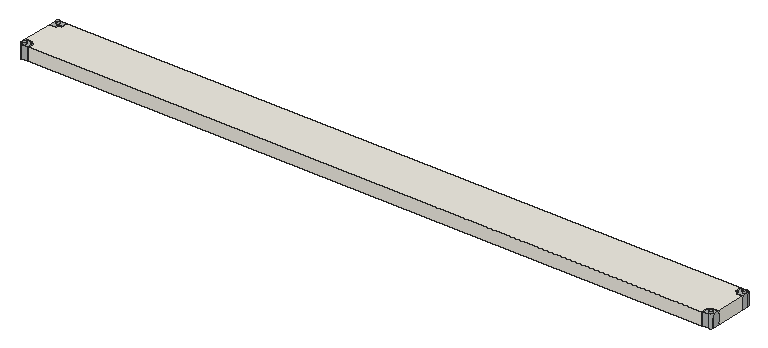
Revit family "HIGHTECH", category Осветительные приборы, Revit 2019 (continued)
Types (32, lengths in mm): name | Файл фотометрической сетки | built-in parameter 1150105 | Lumens | built-in parameter 1150106 | built-in parameter 1150142 | Wattage | Emit from Rectangle Width | Emit from Rectangle Length | Длина | Ширина | ADSK_Ток | ADSK_Полная мощность | ADSK_Обозначение | ADSK_Номинальная мощность | ADSK_Наименование | ADSK_Масса | ADSK_Код изделия
  Hightech-38/opal-sand 160х1195 (IP40, 4000К, белый) c БАП на 3 часа | "Светильник HIGHTECH-38 OPAL-SAND-(160x1195).IES" | 262.61 (stored number, unit not read) | 3300 lm | 2.6261 (stored number, unit not read) | "IESNA:LM-63-95\r\n[TEST] Протокол № 50-4\r\n[DATA] 08.06.2016\r\n[MORE] \r\n[MANUFAC] ЗАО \"Центрстройсвет\"\r\n[LUMCAT]  Светильник HIGHTECH-38/OPAL-SAND-(160x1195)\r\n[LUMINAIRE]\r\n[LAMPCAT] Светодиоды\r\n[LAMP] Поток источника света (светодиодов) не известен\r\n[MORE] КСС приведена в абсолютных величинах кд\r\n[MORE] Вместо потока лампы, указан поток светильника.\r\nTILT=NONE\r\n1    3290 1.0 37 73 1 2 0.16 1.195 0.04\r\n1.0 1.0 37.0\r\n0.0 5.0 10.0 15.0 20.0 25.0 30.0 35.0 40.0 45.0 50.0 55.0 60.0 65.0 70.0 75.0 80.0 85.0 90.0 95.0 100.0 105.0 110.0 115.0 120.0 125.0 130.0 135.0 140.0 145.0 150.0 155.0 160.0 165.0 170.0 175.0 180.0\r\n0.0 5.0 10.0 15.0 20.0 25.0 30.0 35.0 40.0 45.0 50.0 55.0 60.0 65.0 70.0 75.0 80.0 85.0 90.0 95.0 100.0 105.0 110.0 115.0 120.0 125.0 130.0 135.0 140.0 145.0 150.0 155.0 160.0 165.0 170.0 175.0 180.0 185.0 190.0 195.0 200.0 205.0 210.0 215.0 220.0 225.0 230.0 235.0 240.0 245.0 250.0 255.0 260.0 265.0 270.0 275.0 280.0 285.0 290.0 295.0 300.0 305.0 310.0 315.0 320.0 325.0 330.0 335.0 340.0 345.0 350.0 355.0 360.0\r\n1253.2 1246.2 1227.5 1186.2 1134.3 1080.2 1008.5 929.2 845.7 758.1 667.9 573.0 479.1 384.2 290.6 200.4 117.7 47.8 2.1 0.0 0.0 0.0 0.0 0.0 0.0 0.0 0.0 0.0 0.0 0.0 0.0 0.0 0.0 0.0 0.0 0.0 0.0\r\n1253.2 1247.0 1225.7 1188.1 1138.8 1075.1 1004.9 931.9 847.2 757.9 668.1 572.7 477.5 384.0 290.6 200.6 118.4 47.9 2.2 0.0 0.0 0.0 0.0 0.0 0.0 0.0 0.0 0.0 0.0 0.0 0.0 0.0 0.0 0.0 0.0 0.0 0.0\r\n1253.2 1248.1 1227.0 1185.9 1138.7 1078.3 1008.7 929.5 848.8 757.9 669.3 574.6 479.7 385.0 291.5 201.5 119.2 48.1 2.2 0.0 0.0 0.0 0.0 0.0 0.0 0.0 0.0 0.0 0.0 0.0 0.0 0.0 0.0 0.0 0.0 0.0 0.0\r\n1253.2 1248.7 1224.9 1187.5 1138.8 1079.1 1011.1 932.8 850.1 760.3 670.1 574.8 481.5 384.6 292.5 203.1 120.2 49.1 2.2 0.0 0.0 0.0 0.0 0.0 0.0 0.0 0.0 0.0 0.0 0.0 0.0 0.0 0.0 0.0 0.0 0.0 0.0\r\n1253.2 1248.6 1224.1 1190.2 1142.9 1083.0 1011.7 935.9 852.7 763.2 669.8 577.6 482.8 388.3 295.5 202.6 121.0 49.8 2.2 0.0 0.0 0.0 0.0 0.0 0.0 0.0 0.0 0.0 0.0 0.0 0.0 0.0 0.0 0.0 0.0 0.0 0.0\r\n1253.2 1248.4 1225.5 1191.0 1146.1 1082.8 1013.2 936.9 854.2 764.3 675.0 579.1 483.7 388.4 293.4 203.8 122.5 49.7 2.4 0.0 0.0 0.0 0.0 0.0 0.0 0.0 0.0 0.0 0.0 0.0 0.0 0.0 0.0 0.0 0.0 0.0 0.0\r\n1253.2 1248.8 1225.9 1190.7 1143.4 1085.3 1015.6 938.4 853.9 767.8 671.8 579.7 486.4 388.3 294.9 205.4 123.4 50.5 2.6 0.0 0.0 0.0 0.0 0.0 0.0 0.0 0.0 0.0 0.0 0.0 0.0 0.0 0.0 0.0 0.0 0.0 0.0\r\n1253.2 1249.7 1225.4 1191.0 1146.5 1088.4 1018.1 941.5 856.1 769.2 678.8 582.6 486.9 391.1 298.4 205.6 124.3 51.6 2.9 0.0 0.0 0.0 0.0 0.0 0.0 0.0 0.0 0.0 0.0 0.0 0.0 0.0 0.0 0.0 0.0 0.0 0.0\r\n1253.2 1250.7 1226.2 1195.1 1146.0 1088.6 1022.5 943.4 860.2 770.2 679.5 584.7 488.6 391.1 298.3 206.4 125.5 52.0 2.8 0.0 0.0 0.0 0.0 0.0 0.0 0.0 0.0 0.0 0.0 0.0 0.0 0.0 0.0 0.0 0.0 0.0 0.0\r\n1253.2 1251.4 1229.0 1197.3 1147.4 1090.4 1020.0 944.8 861.9 772.2 680.2 585.5 491.0 394.2 298.2 209.3 124.9 53.8 2.8 0.0 0.0 0.0 0.0 0.0 0.0 0.0 0.0 0.0 0.0 0.0 0.0 0.0 0.0 0.0 0.0 0.0 0.0\r\n1253.2 1251.7 1229.9 1197.2 1148.0 1091.3 1021.2 946.6 862.9 774.0 683.3 586.3 492.2 397.0 299.0 212.0 125.4 53.6 2.9 0.0 0.0 0.0 0.0 0.0 0.0 0.0 0.0 0.0 0.0 0.0 0.0 0.0 0.0 0.0 0.0 0.0 0.0\r\n1253.2 1251.7 1230.1 1196.7 1150.6 1091.6 1025.1 945.2 861.6 776.4 685.1 590.9 495.4 394.8 302.4 211.8 125.2 55.5 3.1 0.0 0.0 0.0 0.0 0.0 0.0 0.0 0.0 0.0 0.0 0.0 0.0 0.0 0.0 0.0 0.0 0.0 0.0\r\n1253.2 1251.8 1230.0 1196.4 1152.9 1093.8 1023.7 948.4 862.3 776.2 686.9 589.6 495.4 398.5 303.1 208.9 129.0 55.0 3.6 0.0 0.0 0.0 0.0 0.0 0.0 0.0 0.0 0.0 0.0 0.0 0.0 0.0 0.0 0.0 0.0 0.0 0.0\r\n1253.2 1252.2 1231.4 1198.7 1155.6 1094.2 1023.7 946.5 861.5 778.3 686.0 592.0 496.3 400.2 302.7 214.1 128.1 55.7 3.1 0.0 0.0 0.0 0.0 0.0 0.0 0.0 0.0 0.0 0.0 0.0 0.0 0.0 0.0 0.0 0.0 0.0 0.0\r\n1253.2 1252.3 1232.3 1199.1 1154.1 1095.9 1025.8 946.2 866.0 777.5 685.5 591.7 494.4 400.1 306.1 211.6 130.1 57.1 2.8 0.0 0.0 0.0 0.0 0.0 0.0 0.0 0.0 0.0 0.0 0.0 0.0 0.0 0.0 0.0 0.0 0.0 0.0\r\n1253.2 1251.6 1231.1 1199.5 1152.2 1093.5 1023.3 946.3 866.7 775.6 685.0 591.8 492.9 400.3 304.9 211.5 127.2 59.3 4.3 0.0 0.0 0.0 0.0 0.0 0.0 0.0 0.0 0.0 0.0 0.0 0.0 0.0 0.0 0.0 0.0 0.0 0.0\r\n1253.2 1250.8 1231.0 1199.3 1151.9 1093.0 1026.2 947.8 871.7 777.6 687.3 590.5 494.7 400.9 305.6 212.4 128.2 57.4 4.8 0.0 0.0 0.0 0.0 0.0 0.0 0.0 0.0 0.0 0.0 0.0 0.0 0.0 0.0 0.0 0.0 0.0 0.0\r\n1253.2 1250.0 1230.0 1195.8 1148.2 1094.9 1026.3 951.8 867.0 783.3 687.0 594.1 496.5 399.6 305.7 213.3 129.8 57.2 3.9 0.0 0.0 0.0 0.0 0.0 0.0 0.0 0.0 0.0 0.0 0.0 0.0 0.0 0.0 0.0 0.0 0.0 0.0\r\n1253.2 1249.2 1229.3 1195.6 1148.6 1091.3 1021.5 945.9 861.4 777.9 686.0 588.6 493.2 400.2 302.2 211.7 129.6 56.8 3.7 0.0 0.0 0.0 0.0 0.0 0.0 0.0 0.0 0.0 0.0 0.0 0.0 0.0 0.0 0.0 0.0 0.0 0.0\r\n1253.2 1248.3 1228.4 1192.5 1144.0 1087.6 1016.8 941.5 861.9 773.3 684.4 586.8 490.8 397.1 303.0 209.8 126.4 58.3 4.3 0.0 0.0 0.0 0.0 0.0 0.0 0.0 0.0 0.0 0.0 0.0 0.0 0.0 0.0 0.0 0.0 0.0 0.0\r\n1253.2 1247.3 1226.4 1192.4 1143.7 1084.4 1017.9 942.5 863.3 772.4 683.0 589.7 491.6 397.9 303.2 210.7 127.5 55.5 3.2 0.0 0.0 0.0 0.0 0.0 0.0 0.0 0.0 0.0 0.0 0.0 0.0 0.0 0.0 0.0 0.0 0.0 0.0\r\n1253.2 1246.1 1226.5 1190.5 1144.0 1085.0 1017.8 942.1 860.2 774.1 681.1 586.6 490.0 395.2 301.7 208.4 125.5 55.7 3.8 0.0 0.0 0.0 0.0 0.0 0.0 0.0 0.0 0.0 0.0 0.0 0.0 0.0 0.0 0.0 0.0 0.0 0.0\r\n1253.2 1245.3 1227.7 1191.4 1141.6 1083.0 1015.3 941.2 858.2 770.1 677.5 584.8 487.2 391.9 300.2 207.9 123.8 54.7 2.5 0.0 0.0 0.0 0.0 0.0 0.0 0.0 0.0 0.0 0.0 0.0 0.0 0.0 0.0 0.0 0.0 0.0 0.0\r\n1253.2 1245.0 1224.5 1188.8 1139.2 1081.8 1015.0 935.9 855.1 769.1 677.8 581.4 486.6 391.3 297.0 207.1 123.5 54.3 2.5 0.0 0.0 0.0 0.0 0.0 0.0 0.0 0.0 0.0 0.0 0.0 0.0 0.0 0.0 0.0 0.0 0.0 0.0\r\n1253.2 1244.8 1224.4 1188.1 1140.6 1079.1 1012.4 937.1 851.5 765.6 671.7 582.1 485.9 386.4 297.1 204.0 122.3 52.7 2.3 0.0 0.0 0.0 0.0 0.0 0.0 0.0 0.0 0.0 0.0 0.0 0.0 0.0 0.0 0.0 0.0 0.0 0.0\r\n1253.2 1244.4 1224.1 1186.6 1138.8 1079.5 1006.6 932.1 849.9 763.1 672.6 576.5 483.5 385.1 292.3 205.9 120.2 50.6 2.1 0.0 0.0 0.0 0.0 0.0 0.0 0.0 0.0 0.0 0.0 0.0 0.0 0.0 0.0 0.0 0.0 0.0 0.0\r\n1253.2 1244.1 1223.1 1187.3 1141.5 1079.0 1009.2 930.5 843.3 759.0 668.1 574.3 480.4 385.9 289.1 205.3 119.2 50.2 1.5 0.0 0.0 0.0 0.0 0.0 0.0 0.0 0.0 0.0 0.0 0.0 0.0 0.0 0.0 0.0 0.0 0.0 0.0\r\n1253.2 1243.9 1222.5 1185.7 1137.3 1078.6 1005.1 929.7 844.4 757.9 665.5 573.1 478.3 382.8 291.0 200.1 119.7 47.9 1.5 0.0 0.0 0.0 0.0 0.0 0.0 0.0 0.0 0.0 0.0 0.0 0.0 0.0 0.0 0.0 0.0 0.0 0.0\r\n1253.2 1243.5 1222.1 1185.2 1139.0 1075.9 1006.1 925.0 842.4 756.0 663.6 571.0 474.2 381.6 287.1 198.6 118.1 47.3 1.3 0.0 0.0 0.0 0.0 0.0 0.0 0.0 0.0 0.0 0.0 0.0 0.0 0.0 0.0 0.0 0.0 0.0 0.0\r\n1253.2 1242.9 1222.3 1186.5 1136.4 1077.1 1004.8 925.7 839.0 752.7 663.1 570.2 474.1 379.4 286.2 198.5 115.8 45.9 1.1 0.0 0.0 0.0 0.0 0.0 0.0 0.0 0.0 0.0 0.0 0.0 0.0 0.0 0.0 0.0 0.0 0.0 0.0\r\n1253.2 1242.2 1222.0 1184.3 1136.7 1074.4 1001.0 924.5 841.6 752.8 662.1 567.8 473.5 379.3 284.1 195.2 116.8 44.4 0.9 0.0 0.0 0.0 0.0 0.0 0.0 0.0 0.0 0.0 0.0 0.0 0.0 0.0 0.0 0.0 0.0 0.0 0.0\r\n1253.2 1241.7 1220.3 1183.2 1133.6 1075.2 1003.5 925.7 838.8 750.4 659.2 565.7 472.5 376.3 284.0 193.6 115.2 43.5 0.9 0.0 0.0 0.0 0.0 0.0 0.0 0.0 0.0 0.0 0.0 0.0 0.0 0.0 0.0 0.0 0.0 0.0 0.0\r\n1253.2 1241.4 1218.5 1184.3 1135.7 1073.2 1002.8 921.5 838.8 748.8 658.6 565.6 468.2 374.8 282.4 192.9 113.7 43.5 0.8 0.0 0.0 0.0 0.0 0.0 0.0 0.0 0.0 0.0 0.0 0.0 0.0 0.0 0.0 0.0 0.0 0.0 0.0\r\n1253.2 1241.4 1218.6 1183.1 1130.7 1071.2 999.0 920.3 835.8 750.7 658.1 563.0 469.5 374.5 280.7 191.7 112.7 42.7 0.7 0.0 0.0 0.0 0.0 0.0 0.0 0.0 0.0 0.0 0.0 0.0 0.0 0.0 0.0 0.0 0.0 0.0 0.0\r\n1253.2 1241.3 1217.8 1181.3 1131.6 1070.5 998.2 922.3 837.6 747.9 655.1 564.4 468.1 372.3 280.4 191.6 111.0 42.2 0.6 0.0 0.0 0.0 0.0 0.0 0.0 0.0 0.0 0.0 0.0 0.0 0.0 0.0 0.0 0.0 0.0 0.0 0.0\r\n1253.2 1241.0 1216.1 1181.3 1130.1 1067.2 998.7 919.4 839.2 746.8 655.1 564.1 466.7 372.3 280.2 191.4 110.2 42.1 0.6 0.0 0.0 0.0 0.0 0.0 0.0 0.0 0.0 0.0 0.0 0.0 0.0 0.0 0.0 0.0 0.0 0.0 0.0\r\n1253.2 1240.4 1215.6 1179.7 1131.7 1069.3 996.7 921.0 835.4 746.9 655.8 561.8 467.8 371.7 279.1 190.4 110.2 41.6 0.6 0.0 0.0 0.0 0.0 0.0 0.0 0.0 0.0 0.0 0.0 0.0 0.0 0.0 0.0 0.0 0.0 0.0 0.0\r\n1253.2 1239.5 1216.6 1179.0 1129.6 1067.7 998.0 916.4 834.1 745.2 656.0 562.7 466.5 373.0 278.9 190.0 109.6 41.5 0.6 0.0 0.0 0.0 0.0 0.0 0.0 0.0 0.0 0.0 0.0 0.0 0.0 0.0 0.0 0.0 0.0 0.0 0.0\r\n1253.2 1239.0 1216.7 1177.5 1129.3 1069.9 998.7 918.3 834.7 746.3 653.6 561.1 467.4 372.8 278.3 191.1 109.9 41.4 0.6 0.0 0.0 0.0 0.0 0.0 0.0 0.0 0.0 0.0 0.0 0.0 0.0 0.0 0.0 0.0 0.0 0.0 0.0\r\n1253.2 1239.5 1216.7 1178.7 1129.2 1067.3 998.6 919.3 834.7 748.6 655.2 562.4 466.3 372.8 279.4 191.2 110.4 41.4 0.7 0.0 0.0 0.0 0.0 0.0 0.0 0.0 0.0 0.0 0.0 0.0 0.0 0.0 0.0 0.0 0.0 0.0 0.0\r\n1253.2 1240.6 1216.6 1180.1 1128.8 1068.4 994.8 917.9 836.9 745.7 654.9 561.1 466.7 372.1 280.2 190.2 111.7 41.8 0.8 0.0 0.0 0.0 0.0 0.0 0.0 0.0 0.0 0.0 0.0 0.0 0.0 0.0 0.0 0.0 0.0 0.0 0.0\r\n1253.2 1241.2 1216.1 1179.9 1127.4 1065.9 996.0 919.2 835.3 746.0 655.8 563.8 468.6 375.3 281.2 191.3 113.1 42.3 0.9 0.0 0.0 0.0 0.0 0.0 0.0 0.0 0.0 0.0 0.0 0.0 0.0 0.0 0.0 0.0 0.0 0.0 0.0\r\n1253.2 1241.0 1216.3 1176.6 1129.1 1067.9 995.3 921.4 836.5 750.5 659.1 565.1 472.3 374.2 282.1 193.4 114.1 42.9 1.0 0.0 0.0 0.0 0.0 0.0 0.0 0.0 0.0 0.0 0.0 0.0 0.0 0.0 0.0 0.0 0.0 0.0 0.0\r\n1253.2 1240.9 1216.4 1179.2 1127.6 1067.9 999.6 922.8 840.5 750.6 659.2 565.9 471.1 376.1 284.7 194.3 114.0 43.6 1.1 0.0 0.0 0.0 0.0 0.0 0.0 0.0 0.0 0.0 0.0 0.0 0.0 0.0 0.0 0.0 0.0 0.0 0.0\r\n1253.2 1241.1 1216.1 1182.2 1131.4 1067.7 1001.1 924.3 841.6 753.0 661.5 569.1 473.5 377.1 284.8 195.9 116.1 44.9 1.0 0.0 0.0 0.0 0.0 0.0 0.0 0.0 0.0 0.0 0.0 0.0 0.0 0.0 0.0 0.0 0.0 0.0 0.0\r\n1253.2 1241.0 1215.7 1178.5 1126.3 1066.3 1000.7 925.3 843.0 754.9 662.8 570.6 473.8 381.2 285.7 197.9 115.6 46.3 1.0 0.0 0.0 0.0 0.0 0.0 0.0 0.0 0.0 0.0 0.0 0.0 0.0 0.0 0.0 0.0 0.0 0.0 0.0\r\n1253.2 1240.6 1216.9 1179.9 1130.2 1069.8 1003.0 926.7 841.9 755.2 665.8 571.2 478.8 381.2 287.4 199.7 116.2 48.7 1.2 0.0 0.0 0.0 0.0 0.0 0.0 0.0 0.0 0.0 0.0 0.0 0.0 0.0 0.0 0.0 0.0 0.0 0.0\r\n1253.2 1240.2 1217.8 1181.5 1132.1 1074.5 1004.8 929.2 844.5 758.5 667.0 573.0 480.0 385.0 289.8 201.9 116.8 49.9 1.8 0.0 0.0 0.0 0.0 0.0 0.0 0.0 0.0 0.0 0.0 0.0 0.0 0.0 0.0 0.0 0.0 0.0 0.0\r\n1253.2 1240.0 1217.8 1181.0 1132.5 1073.7 1006.5 927.4 845.6 762.4 670.0 575.5 480.5 385.9 289.4 203.7 119.7 48.6 2.2 0.0 0.0 0.0 0.0 0.0 0.0 0.0 0.0 0.0 0.0 0.0 0.0 0.0 0.0 0.0 0.0 0.0 0.0\r\n1253.2 1240.1 1217.6 1182.8 1133.1 1076.6 1007.5 930.0 846.5 762.7 668.8 577.0 482.3 389.1 292.7 202.8 123.7 49.1 1.8 0.0 0.0 0.0 0.0 0.0 0.0 0.0 0.0 0.0 0.0 0.0 0.0 0.0 0.0 0.0 0.0 0.0 0.0\r\n1253.2 1240.7 1218.2 1183.4 1135.8 1075.9 1012.2 932.5 849.2 763.2 670.4 578.3 484.0 386.6 296.5 204.3 120.7 52.9 1.5 0.0 0.0 0.0 0.0 0.0 0.0 0.0 0.0 0.0 0.0 0.0 0.0 0.0 0.0 0.0 0.0 0.0 0.0\r\n1253.2 1241.9 1218.2 1184.0 1135.3 1079.4 1008.5 935.4 854.3 762.1 675.0 581.5 483.5 390.0 296.7 205.3 122.0 52.4 2.7 0.0 0.0 0.0 0.0 0.0 0.0 0.0 0.0 0.0 0.0 0.0 0.0 0.0 0.0 0.0 0.0 0.0 0.0\r\n1253.2 1243.2 1219.3 1183.9 1135.5 1077.7 1013.9 936.1 854.3 766.4 675.2 581.0 485.9 389.4 297.6 206.4 122.6 54.2 3.1 0.0 0.0 0.0 0.0 0.0 0.0 0.0 0.0 0.0 0.0 0.0 0.0 0.0 0.0 0.0 0.0 0.0 0.0\r\n1253.2 1244.0 1222.4 1184.1 1138.0 1078.9 1011.1 936.7 854.8 768.1 677.4 581.9 486.5 391.6 297.0 207.3 125.4 53.2 2.1 0.0 0.0 0.0 0.0 0.0 0.0 0.0 0.0 0.0 0.0 0.0 0.0 0.0 0.0 0.0 0.0 0.0 0.0\r\n1253.2 1245.1 1223.0 1185.9 1136.6 1078.1 1013.2 934.0 852.8 768.3 673.3 580.9 485.6 389.0 296.7 206.9 123.9 53.7 2.4 0.0 0.0 0.0 0.0 0.0 0.0 0.0 0.0 0.0 0.0 0.0 0.0 0.0 0.0 0.0 0.0 0.0 0.0\r\n1253.2 1246.5 1221.7 1184.4 1137.6 1081.8 1014.6 939.7 852.6 767.0 674.1 582.3 486.0 392.8 300.8 207.8 123.0 54.8 3.5 0.0 0.0 0.0 0.0 0.0 0.0 0.0 0.0 0.0 0.0 0.0 0.0 0.0 0.0 0.0 0.0 0.0 0.0\r\n1253.2 1247.3 1220.9 1185.7 1134.8 1076.8 1013.3 936.0 854.4 763.6 674.5 580.5 485.8 392.0 298.4 206.3 125.4 54.8 3.5 0.0 0.0 0.0 0.0 0.0 0.0 0.0 0.0 0.0 0.0 0.0 0.0 0.0 0.0 0.0 0.0 0.0 0.0\r\n1253.2 1247.3 1220.0 1183.6 1137.4 1077.7 1008.6 934.0 851.9 764.5 674.6 582.7 486.3 390.6 297.8 207.3 122.1 55.5 2.7 0.0 0.0 0.0 0.0 0.0 0.0 0.0 0.0 0.0 0.0 0.0 0.0 0.0 0.0 0.0 0.0 0.0 0.0\r\n1253.2 1246.8 1218.3 1185.0 1134.6 1074.3 1009.0 934.4 851.3 764.4 672.5 583.8 483.7 389.6 297.1 206.6 124.9 52.8 3.1 0.0 0.0 0.0 0.0 0.0 0.0 0.0 0.0 0.0 0.0 0.0 0.0 0.0 0.0 0.0 0.0 0.0 0.0\r\n1253.2 1246.1 1219.3 1182.3 1135.7 1077.7 1009.0 933.8 849.1 763.5 673.4 578.9 484.7 389.4 295.7 207.6 122.6 53.6 3.1 0.0 0.0 0.0 0.0 0.0 0.0 0.0 0.0 0.0 0.0 0.0 0.0 0.0 0.0 0.0 0.0 0.0 0.0\r\n1253.2 1245.5 1221.2 1184.2 1134.1 1074.3 1008.5 932.6 849.3 764.8 671.3 578.2 486.2 386.3 296.1 205.6 122.8 53.1 2.6 0.0 0.0 0.0 0.0 0.0 0.0 0.0 0.0 0.0 0.0 0.0 0.0 0.0 0.0 0.0 0.0 0.0 0.0\r\n1253.2 1245.3 1222.3 1181.3 1137.1 1078.8 1006.0 929.4 850.7 761.6 669.5 576.3 483.0 387.3 293.8 206.9 120.4 52.8 2.5 0.0 0.0 0.0 0.0 0.0 0.0 0.0 0.0 0.0 0.0 0.0 0.0 0.0 0.0 0.0 0.0 0.0 0.0\r\n1253.2 1245.4 1220.5 1184.2 1133.6 1075.2 1009.5 932.6 848.6 757.7 670.4 574.2 481.9 385.5 294.7 204.1 122.8 51.6 2.3 0.0 0.0 0.0 0.0 0.0 0.0 0.0 0.0 0.0 0.0 0.0 0.0 0.0 0.0 0.0 0.0 0.0 0.0\r\n1253.2 1245.3 1220.7 1182.4 1138.5 1074.4 1007.3 928.9 845.9 758.6 667.3 577.0 480.3 385.2 292.5 202.1 122.2 50.0 2.5 0.0 0.0 0.0 0.0 0.0 0.0 0.0 0.0 0.0 0.0 0.0 0.0 0.0 0.0 0.0 0.0 0.0 0.0\r\n1253.2 1245.1 1219.5 1182.9 1136.0 1077.5 1004.9 927.6 844.3 760.3 666.7 573.3 477.6 388.0 290.0 204.5 120.6 50.1 2.2 0.0 0.0 0.0 0.0 0.0 0.0 0.0 0.0 0.0 0.0 0.0 0.0 0.0 0.0 0.0 0.0 0.0 0.0\r\n1253.2 1245.4 1221.4 1184.0 1135.0 1076.2 1007.0 927.5 848.0 756.8 666.9 574.1 479.2 385.1 290.6 202.4 121.3 48.9 2.1 0.0 0.0 0.0 0.0 0.0 0.0 0.0 0.0 0.0 0.0 0.0 0.0 0.0 0.0 0.0 0.0 0.0 0.0\r\n1253.2 1245.8 1222.8 1182.5 1134.6 1074.6 1006.5 931.3 844.1 755.4 665.5 574.0 477.8 384.3 291.6 201.6 119.6 48.1 2.1 0.0 0.0 0.0 0.0 0.0 0.0 0.0 0.0 0.0 0.0 0.0 0.0 0.0 0.0 0.0 0.0 0.0 0.0\r\n1253.2 1246.3 1222.6 1182.5 1135.6 1074.3 1006.0 928.3 846.9 757.8 665.0 572.1 477.5 383.3 290.2 200.0 118.4 47.3 2.1 0.0 0.0 0.0 0.0 0.0 0.0 0.0 0.0 0.0 0.0 0.0 0.0 0.0 0.0 0.0 0.0 0.0 0.0\r\n1253.2 1247.0 1224.6 1182.1 1135.8 1074.9 1003.5 929.0 846.9 758.5 665.1 572.3 475.9 383.2 288.8 199.7 118.7 47.1 2.1 0.0 0.0 0.0 0.0 0.0 0.0 0.0 0.0 0.0 0.0 0.0 0.0 0.0 0.0 0.0 0.0 0.0 0.0\r\n1253.2 1247.6 1222.3 1183.0 1134.1 1073.0 1003.8 928.7 844.0 759.1 665.7 570.0 477.0 383.9 288.2 200.0 118.2 47.4 2.1 0.0 0.0 0.0 0.0 0.0 0.0 0.0 0.0 0.0 0.0 0.0 0.0 0.0 0.0 0.0 0.0 0.0 0.0\r\n1253.2 1247.3 1222.8 1183.5 1131.8 1076.8 1003.8 927.4 845.0 753.8 664.0 572.2 476.8 383.2 289.4 200.5 117.8 47.2 2.2 0.0 0.0 0.0 0.0 0.0 0.0 0.0 0.0 0.0 0.0 0.0 0.0 0.0 0.0 0.0 0.0 0.0 0.0\r\n1253.2 1246.4 1225.8 1185.8 1133.6 1077.4 1005.5 928.8 844.9 757.8 665.7 573.3 477.7 383.5 289.5 200.5 117.6 47.3 2.2 0.0 0.0 0.0 0.0 0.0 0.0 0.0 0.0 0.0 0.0 0.0 0.0 0.0 0.0 0.0 0.0 0.0 0.0\r\n1253.2 1246.2 1227.5 1186.2 1134.3 1080.2 1008.5 929.2 845.7 758.1 667.9 573.0 479.1 384.2 290.6 200.4 117.7 47.8 2.1 0.0 0.0 0.0 0.0 0.0 0.0 0.0 0.0 0.0 0.0 0.0 0.0 0.0 0.0 0.0 0.0 0.0 0.0\r\n" | 22.2159 W | 120 | 1155 | 1195 | 160 | 0.179584 A | 41.3043 VA | "Hightech-38/opal-sand 160х1195 (IP40, 4000К, белый)" | 38 W | "Универсальный светодиодный светильник Hightech-38/opal-sand 160х1195 (IP40, 4000К, белый) c БАП на 3 час" | 1.6 | "ЦБ000007735"
